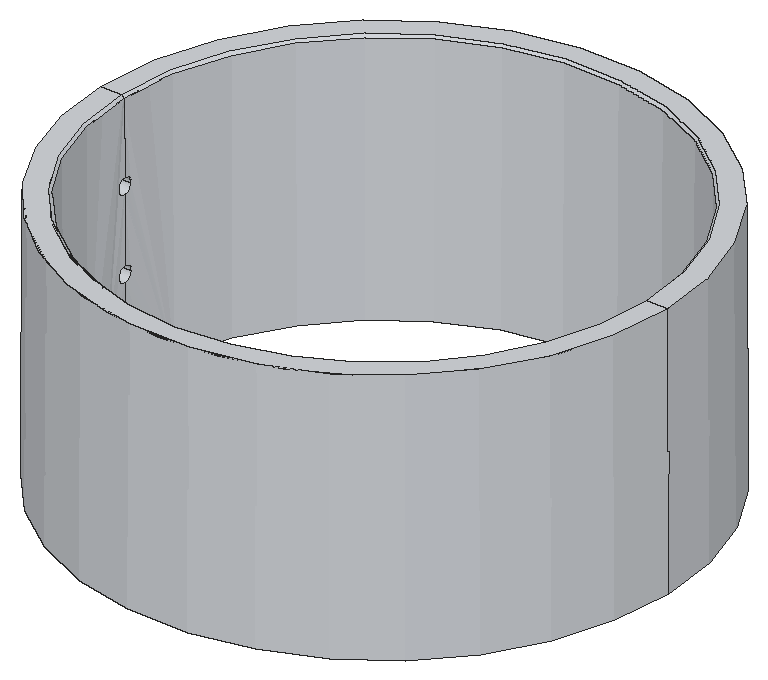
Revit family "Кольцо 2000х990 без замка КС 20.10", category Обобщенные модели, Revit 2023
Family settings
  Может служить основой для арматурных стержней = Нет
  Размер круглого соединителя = Использовать диаметр
  Тип детали = Нормальный
  На основе рабочей плоскости = Нет
  Всегда вертикально = Да
  При загрузке вырезать с полостями = Нет
  Сохранять ориентацию аннотаций = Нет
  Общий = Нет
  Точка принадлежности помещению = Нет
Parameters (values of type "Кольцо 2000х990 без замка КС 20.10")
  фаска = 10 mm
  толщ_на_h2_расч = (t1 - t2) / 2 * (h1 + h2) / ADSK_Размер_Высота + 10 mm  # 13.409 mm
  толщ_на_h1_расч = (t1 - t2) / 2 * h1 / ADSK_Размер_Высота + 10 mm  # 11.869 mm
  сужение_низ = 5 mm
  вырез2 = yes
  вырез1 = yes
  Отметка по умолчанию = 0 mm
  t2 = 90 mm
  t1 = 100 mm
  h2 = 305 mm
  h1 = 370 mm
  ADSK_Размер_Диаметр = 2020 mm
  ADSK_Размер_Высота = 990 mm
  ADSK_Масса = 1535
Reference planes
  plane 1 "По центру (Вперед/Назад)": y = 0
  plane 2: z = 0
  plane 3 "По центру (Влево/Вправо)": x = 0
  plane 4: x = 1010
  plane 5: x = -1010
  plane 6: y = 1010
  plane 7: y = -1010
  plane 8: z = 990
  plane 9: x = -1105
  plane 10: x = 1105
  plane 11: y = 1105
  plane 12: y = -1105
  plane 13: y = 1100
  plane 14: y = -1100
  plane 15: x = -1100
  plane 16: x = 1100
  plane 17: z = 370
  plane 18: z = 675
  plane 19: y = 1005
  plane 20: y = -1005
  plane 21: x = -1005
  plane 22: x = 1005
  plane 23: x = -1091.591
  plane 24: x = -1093.131
  plane 25: x = 1091.591
  plane 26: x = 1093.131
  plane 27: x = -1020
  plane 28: z = 980
Forms (mm)
  Extrusion 1, void, detail levels medium+fine
    sketch origin (0, 0, 0) x (0, -1, 0) y (0, 0, 1)
      loop
        circle (0, 675) r 30
    from -1091.591 to 1091.591
  Extrusion 2, void, detail levels medium+fine
    sketch origin (0, 0, 0) x (0, -1, 0) y (0, 0, 1)
      loop
        circle (0, 370) r 30
    from -1093.131 to 1093.131
  Revolve 3, solid
    sketch origin (0, 0, 0) x (1, 0, 0) y (0, 0, 1)
      loop
        line (-1105, 0) -> (-1005, 0) -> (-1010, 980) -> (-1020, 990) -> (-1100, 990) -> (-1105, 0)
      axis (0, 990) -> (0, 0)
    angle from 0 to 360
Cuts and joins
  Extrusion 1, Extrusion 2 cuts Revolve 3
Dimensions and locks
  equal spacing: plane 5, plane 3 "По центру (Влево/Вправо)", plane 4
  equal spacing: plane 7, plane 1 "По центру (Вперед/Назад)", plane 6
  "ADSK_Размер_Диаметр": plane 5 to plane 4
  "ADSK_Размер_Диаметр": plane 7 to plane 6
  "t1": plane 9 to plane 21
  "t1": plane 22 to plane 10
  "t2": plane 6 to plane 13
  "t2": plane 14 to plane 7
  "t2": plane 15 to plane 5
  "t2": plane 4 to plane 16
  "h1": plane 17 to level
  "h2": plane 18 to plane 17
  "ADSK_Размер_Высота": plane 8 to level
  "сужение_низ": plane 5 to plane 21
  "сужение_низ": plane 22 to plane 4
  "сужение_низ": plane 19 to plane 6
  "сужение_низ": plane 7 to plane 20
  "t1": plane 12 to plane 20
  "t1": plane 19 to plane 11
  "толщ_на_h2_расч": plane 23 to plane 9
  "толщ_на_h1_расч": plane 24 to plane 9
  "толщ_на_h2_расч": plane 10 to plane 25
  "толщ_на_h1_расч": plane 10 to plane 26
  "фаска": plane 8 to plane 28
  "фаска": plane 5 to plane 27
  aligned and locked: level to plane 2
  aligned and locked: Extrusion 1 to plane 23
  aligned and locked: Extrusion 2 to plane 24
  aligned and locked: plane 25 to Extrusion 1
  aligned and locked: plane 26 to Extrusion 2
Automatic sketch dimensions
  Extrusion 1 sketch curve to plane 1 "По центру (Вперед/Назад)" = 0 mm
  Extrusion 1 sketch curve to plane 18 = 0 mm
  Extrusion 2 sketch curve to plane 1 "По центру (Вперед/Назад)" = 0 mm
  Extrusion 2 sketch curve to plane 17 = 0 mm
  Revolve 3 sketch curve to level = 0 mm
  Revolve 3 sketch curve to plane 9 = 0 mm
  Revolve 3 sketch curve to plane 8 = 0 mm
  Revolve 3 sketch curve to plane 15 = 0 mm
  Revolve 3 sketch curve to plane 27 = 0 mm
  Revolve 3 sketch curve to plane 5 = 0 mm
  Revolve 3 sketch curve to plane 21 = 0 mm
  Revolve 3 sketch curve to plane 28 = 0 mm
  radius of Extrusion 1 sketch curve = 30 mm
  radius of Extrusion 2 sketch curve = 30 mm
